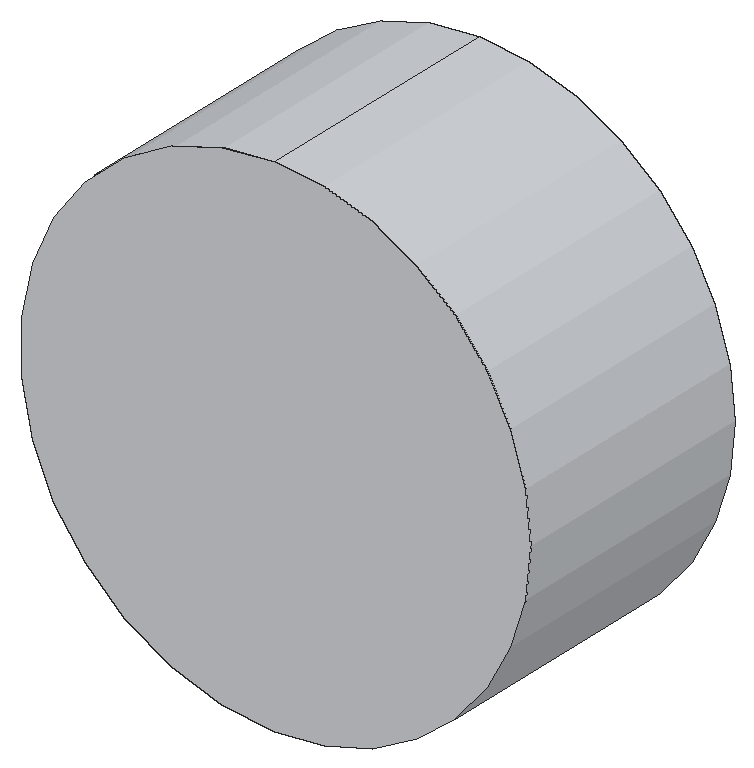
Revit family "MULBM4110", category Generic Models, Revit 2018
Family settings
  Can host rebar = No
  Round Connector Dimension = Use Diameter
  Part Type = Normal
  OmniClass Number = 23.60.30.14
  OmniClass Title = Ducting and Wireways for General Use
  Work Plane-Based = No
  Always vertical = Yes
  Cut with Voids When Loaded = No
  Shared = No
  Room Calculation Point = No
Parameters (values of type "Standard")
  URL = "https://www.bundelen.nl/productPage.php?id=MULCM4110"
  Part Number = "MULKM4110"
  Model = "MULCM4110"
  Manufacturer = "PowerCast"
  Designer = "eugeneraaijmakers"
  Design Status = 1
  Description = "Multiduct Coupler male"
  Date Created = "15-3-2025 09:33:00"
  Author = "eugeneraaijmakers"
Reference planes
  plane 1 "Center (Front/Back)": y = 0
  plane 2: z = 0
  plane 3 "Center (Left/Right)": x = 0
Forms (mm)
  Extrusion 1, solid
    sketch origin (0, -45.275, 0) x (0, 0, -1) y (1, 0, 0)
      loop
        circle (0, 0) r 3.048
    from 0 to -3.048
Dimensions and locks
  aligned and locked: level to plane 2
Connectors
  hvac at (0, -45.275, 0)
    settings: on Extrusion 1, index 1, duct flow 0.0 L/s, flow factor 0, pres drop 0.0 Pa, loss coef 0, conn angle 0.00°, conn width 304.8 mm, conn height 304.8 mm, conn diameter 609.6 mm, duct sys type 4, conn prof type 1, flow config 1, flow direction 1, loss method 0, conn ref index -1, conn util no, is conn primary yes, conn desc ""
